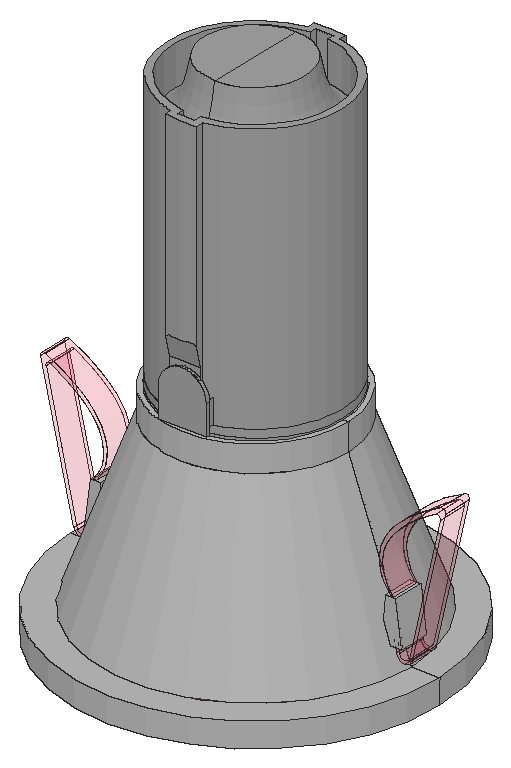
Revit family "LAMP_MOODY G2 1700 + ROUND FIXED IP55 REFLECTOR", category Luminarias, Revit 2015
Parameters (values of type "2700K FLOOD")
  Ángulo de inclinación = 90.00°
  White reflector model = White reflector code  # "MORFRD100FX55W"
  White reflector finish = "Matt white"
  White reflector description = "MOODY REF RD FX Ø99 WH."
  White reflector datasheet = "http://www.lamp.es/product-files/TECH/MORFRD100FX55W-EN.pdf"
  White reflector [instance] = no
  Wattage = 14 W
  UGR = "23"
  Type = "COB PHILIPS"
  White reflector code = "MORFRD100FX55W"
  Total weight = 0.25 kg
  Total height = 115 mm
  Reflector diameter = 100 mm
  Reflector [instance] = and(not(White reflector), not(Black reflector))  # no
  Recessed diameter = 95 mm
  built-in parameter 1150110 = 1 (stored number, unit not read)
  Protection rating = "IP20"
  Product URL = "https://www.lamp.es/en/family/moody_33323"
  Power Supply = "220-240V 50/60Hz"
  Power = 12 W
  Plum = 14 W
  Model explanation = "Availability of switching reflector colour when placed in a project."
  Material cristal = Cristal
  Material Reflector Plata = LAMP_PC Reflector Moody GR
  Material Reflector Negro = LAMP_PC Reflector Moody NG
  Material Reflector Cobre = LAMP_PC Reflector Moody CO
  Material Muelle Emp. = LAMP_Acero genérico
  Material Reflector Blanco = LAMP_PC Reflector Moody BL
  Manufacturer name = "LAMP"
  Manufacturer country = "Spain"
  Manufacturer URL = "http://www.lamp.es/en"
  MacAdam = "3"
  Lámpara = "COB LED"
  Luminaire type = "Indoor - Recessed Downlight"
  Last update = "28/08/2019"
  LED Lifetime = "50.000 L70 B10"
  Insulation class = "II"
  Installation instructions = "https://www.lamp.es/product-files/INS/1004620-A-INSTR.%20MOODY%20G2.pdf"
  IEE = "A++"
  Gear = "Electronic"
  built-in parameter 1114217 = 1 (stored number, unit not read)
  built-in parameter 1150109 = 1 (stored number, unit not read)
  Fabricante = Manufacturer name  # "LAMP"
  Efficacy = 66.2 lm/W
  Descripción = "MOODY G2 1700 VWW FL TRIAC BK."
  Core product code = "MO215FL927TB"
  Core diameter = 50 mm
  Core datasheet = "http://www.lamp.es/product-files/TECH/MO215FL927TB-EN.pdf"
  Core model = Core product code  # "MO215FL927TB"
  Comentarios de tipo = Model explanation  # "Availability of switching reflector colour when placed in a project."
  built-in parameter 1150134 = (empty or 0)
  built-in parameter 1150113 = 1 (stored number, unit not read)
  Lumens = 926.8 lm
  built-in parameter 1150115 = 1 (stored number, unit not read)
  built-in parameter 1150105 = 1757.6 (stored number, unit not read)
  built-in parameter 1150137 = (empty or 0)
  built-in parameter 1150139 = (empty or 0)
  built-in parameter 1150112 = 1 (stored number, unit not read)
  built-in parameter 1150114 = 1 (stored number, unit not read)
  built-in parameter 1150132 = 2
  built-in parameter 1150102 = (empty or 0)
  built-in parameter 1150138 = (empty or 0)
  built-in parameter 1150107 = 2700 (stored number, unit not read)
  built-in parameter 1150106 = 17.576 (stored number, unit not read)
  built-in parameter 1150104 = 6.1502 (stored number, unit not read)
  Dimming Lamp Color Temperature Shift = (empty or 0)
  Color Filter = 16777215
  built-in parameter 1114218 = 1 (stored number, unit not read)
  CRI = "90"
  Core description = "MOODY CORE 500 VWW MFL"
  Black reflector model = Black reflector code  # "MORFRD100FX55B"
  Black reflector finish = "Matt black"
  Black reflector description = "MOODY REF RD FX Ø99 BK."
  Black reflector datasheet = "http://www.lamp.es/product-files/TECH/MORFRD100FX55B-EN.pdf"
  Black reflector code = "MORFRD100FX55B"
  Black reflector [instance] = yes
  Archivo de red fotométrica = "MO215FL927TB.IES"
  Altura reflector = 56.5 mm
  built-in parameter 1150133 = 10 (stored number, unit not read)
Types (9, lengths in mm): name | UGR | Efficacy | Descripción | Core product code | Core datasheet | Core model | Lumens | built-in parameter 1150105 | built-in parameter 1150132 | built-in parameter 1150107 | built-in parameter 1150106 | built-in parameter 1150104 | CRI | Archivo de red fotométrica
  2700K FLOOD | "23" | 66.2 lm/W | "MOODY G2 1700 VWW FL TRIAC BK." | "MO215FL927TB" | "http://www.lamp.es/product-files/TECH/MO215FL927TB-EN.pdf" | "MO215FL927TB" | 926.8 lm | 1757.6 (stored number, unit not read) | 2 | 2700 (stored number, unit not read) | 17.576 (stored number, unit not read) | 6.1502 (stored number, unit not read) | "90" | "MO215FL927TB.IES"
  2700K SPOT | "23" | 66.2 lm/W | "MOODY G2 1700 VWW SP TRIAC BK." | "MO215SP927TB" | "http://www.lamp.es/product-files/TECH/MO215SP927TB-EN.pdf" | "MO215SP927TB" | 926.8 lm | 1757.6 (stored number, unit not read) | 2 | 2700 (stored number, unit not read) | 17.576 (stored number, unit not read) | 6.1502 (stored number, unit not read) | "90" | "MO215SP927TB.IES"
  2700K WIDE FLOOD | "23" | 66.2 lm/W | "MOODY G2 1700 VWW WFL TRIAC BK." | "MO215WF927TB" | "http://www.lamp.es/product-files/TECH/MO215WF927TB-EN.pdf" | "MO215WF927TB" | 926.8 lm | 1757.6 (stored number, unit not read) | 2 | 2700 (stored number, unit not read) | 17.576 (stored number, unit not read) | 6.1502 (stored number, unit not read) | "90" | "MO215WF927TB.IES"
  3000K FLOOD | "23" | 81.2 lm/W | "MOODY G2 1700 WW FL TRIAC BK." | "MO215FL830TB" | "http://www.lamp.es/product-files/TECH/MO215FL830TB-EN.pdf" | "MO215FL830TB" | 1136.8 lm | 2155.8 (stored number, unit not read) | 2 | 3000 (stored number, unit not read) | 21.558 (stored number, unit not read) | 7.5437 (stored number, unit not read) | "80" | "MO215FL830TB.IES"
  3000K SPOT | "23" | 81.2 lm/W | "MOODY G2 1700 WW SP TRIAC BK." | "MO215SP830TB" | "http://www.lamp.es/product-files/TECH/MO215SP830TB-EN.pdf" | "MO215SP830TB" | 1136.8 lm | 2155.8 (stored number, unit not read) | 2 | 3000 (stored number, unit not read) | 21.558 (stored number, unit not read) | 7.5437 (stored number, unit not read) | "80" | "MO215SP830TB.IES"
  3000K WIDE FLOOD | "23" | 81.2 lm/W | "MOODY G2 1700 WW WFL TRIAC BK." | "MO215WF830TB" | "http://www.lamp.es/product-files/TECH/MO215WF830TB-EN.pdf" | "MO215WF830TB" | 1136.8 lm | 2155.8 (stored number, unit not read) | 2 | 3000 (stored number, unit not read) | 21.558 (stored number, unit not read) | 7.5437 (stored number, unit not read) | "80" | "MO215WF830TB.IES"
  4000K FLOOD | "24" | 86 lm/W | "MOODY G2 1700 NW FL TRIAC BK." | "MO215FL840TB" | "http://www.lamp.es/product-files/TECH/MO215FL840TB-EN.pdf" | "MO215FL840TB" | 1204 lm | 2283.3 (stored number, unit not read) | 2 | 4000 (stored number, unit not read) | 22.833 (stored number, unit not read) | 7.9897 (stored number, unit not read) | "80" | "MO215FL840TB.IES"
  4000K SPOT | "24" | 86 lm/W | "MOODY G2 1700 NW SP TRIAC BK." | "MO215SP840TB" | "http://www.lamp.es/product-files/TECH/MO215SP840TB-EN.pdf" | "MO215SP840TB" | 1204 lm | 2283.3 (stored number, unit not read) | (empty or 0) | 4000 (stored number, unit not read) | 22.833 (stored number, unit not read) | 7.9897 (stored number, unit not read) | "80" | "MO215SP840TB.IES"
  4000K WIDE FLOOD | "24" | 86 lm/W | "MOODY G2 1700 NW WFL TRIAC BK." | "MO215WF840TB" | "http://www.lamp.es/product-files/TECH/MO215WF840TB-EN.pdf" | "MO215WF840TB" | 1204 lm | 2283.3 (stored number, unit not read) | 2 | 4000 (stored number, unit not read) | 22.833 (stored number, unit not read) | 7.9897 (stored number, unit not read) | "80" | "MO215WF840TB.IES"
Reference planes
  plane 1 "Eje de origen de luz (F/P)": y = 0
  plane 2: z = 0
  plane 3 "Eje de origen de luz (I/D)": x = 0
  plane 4 "Techo": z = 3738.5
  plane 5 "Elevación de origen de luz": z = 3738.5
Forms (mm)
  Revolve 1, solid, material "LAMP_PC Reflector Moody NG" <- "Material Reflector Negro", visible <- "Reflector"
    sketch origin (0, 0, 0) x (1, 0, 0) y (0, 0, 1)
      loop
        line (-26.8, 3795) -> (-26.8, 3787.4) -> (-44.8, 3738.5) -> (-53, 3738.5) -> (-53, 3731.4) -> (-43.4, 3731.4) -> (-43.4, 3737.815) -> (-25.4, 3786.715) -> (-20.4, 3786.715) -> (-20.4, 3789.672) -> (-25.4, 3789.672) -> (-25.4, 3795) -> (-26.8, 3795)
      axis (0, 3731.4) -> (0, 3795)
    angle from 0 to 360
  Extrusion 2, solid, material "LAMP_PC Reflector Moody CO" <- "Material Reflector Cobre", not visible
    sketch origin (0, 0, 0) x (1, 0, 0) y (0, 0, 1)
      loop
        line (-42.407, 3745) -> (-40.284, 3750.769) -> (-40.873, 3757.5) -> (-43.873, 3757.5) -> (-45.407, 3745) -> (-42.407, 3745)
    from 4.4 to -4.4
  Extrusion 3, solid, material "LAMP_PC Reflector Moody CO" <- "Material Reflector Cobre", not visible
    sketch origin (0, 0, 0) x (-1, 0, 0) y (0, 0, -1)
      loop
        line (-42.407, -3745) -> (-45.407, -3745) -> (-43.873, -3757.5) -> (-40.873, -3757.5) -> (-40.284, -3750.769) -> (-42.407, -3745)
    from 4.4 to -4.4
  Extrusion 4, solid, material "LAMP_Acero genérico" <- "Material Muelle Emp."
    sketch origin (0, 0, 0) x (1, 0, 0) y (0, 0, 1)
      loop
        line (-43.449, 3746.955) -> (-44.442, 3747.077) -> (-44.86, 3743.673)
        arc (-44.86, 3743.673) -> (-46.011, 3742.395) -> (-47.607, 3743.039) r 1.5
        line (-47.607, 3743.039) -> (-56.587, 3781.935)
        arc (-56.587, 3781.935) -> (-56.25, 3782.912) -> (-55.225, 3783.038) r 0.975
        spline (-55.225, 3783.038) -> (-51.331, 3780.738) -> (-48.069, 3778.431) -> (-45.409, 3776.129) -> (-43.316, 3773.842) -> (-41.759, 3771.583) -> (-40.706, 3769.362) -> (-40.125, 3767.192) -> (-39.983, 3765.084) -> (-40.248, 3763.049) -> (-40.888, 3761.099) -> (-41.87, 3759.246) -> (-43.162, 3757.5)
        line (-43.162, 3757.5) -> (-42.155, 3757.5)
        spline (-42.155, 3757.5) -> (-40.805, 3759.492) -> (-39.803, 3761.59) -> (-39.185, 3763.778) -> (-38.986, 3766.043) -> (-39.241, 3768.371) -> (-39.985, 3770.746) -> (-41.254, 3773.156) -> (-43.082, 3775.585) -> (-45.504, 3778.019) -> (-48.557, 3780.445) -> (-52.274, 3782.848) -> (-56.692, 3785.214)
        arc (-56.692, 3785.214) -> (-57.717, 3785.088) -> (-58.053, 3784.112) r 0.975
        line (-58.053, 3784.112) -> (-48.597, 3743.153)
        arc (-48.597, 3743.153) -> (-47.735, 3741.824) -> (-46.22, 3741.36) r 2.317
        arc (-46.22, 3741.36) -> (-44.644, 3742.027) -> (-43.867, 3743.552) r 2.5
        line (-43.867, 3743.552) -> (-43.449, 3746.955)
    from 4.3 to -4.3
  Extrusion 5, solid, material "LAMP_Acero genérico" <- "Material Muelle Emp."
    sketch origin (0, 0, 0) x (-1, 0, 0) y (0, 0, -1)
      loop
        line (-43.449, -3746.955) -> (-43.867, -3743.552)
        arc (-43.867, -3743.552) -> (-44.644, -3742.027) -> (-46.22, -3741.36) r 2.5
        arc (-46.22, -3741.36) -> (-47.735, -3741.824) -> (-48.597, -3743.153) r 2.317
        line (-48.597, -3743.153) -> (-58.053, -3784.112)
        arc (-58.053, -3784.112) -> (-57.717, -3785.088) -> (-56.692, -3785.214) r 0.975
        spline (-56.692, -3785.214) -> (-52.274, -3782.848) -> (-48.557, -3780.445) -> (-45.504, -3778.019) -> (-43.082, -3775.585) -> (-41.254, -3773.156) -> (-39.985, -3770.746) -> (-39.241, -3768.371) -> (-38.986, -3766.043) -> (-39.185, -3763.778) -> (-39.803, -3761.59) -> (-40.805, -3759.492) -> (-42.155, -3757.5)
        line (-42.155, -3757.5) -> (-43.162, -3757.5)
        spline (-43.162, -3757.5) -> (-41.87, -3759.246) -> (-40.888, -3761.099) -> (-40.248, -3763.049) -> (-39.983, -3765.084) -> (-40.125, -3767.192) -> (-40.706, -3769.362) -> (-41.759, -3771.583) -> (-43.316, -3773.842) -> (-45.409, -3776.129) -> (-48.069, -3778.431) -> (-51.331, -3780.738) -> (-55.225, -3783.038)
        arc (-55.225, -3783.038) -> (-56.25, -3782.912) -> (-56.587, -3781.935) r 0.975
        line (-56.587, -3781.935) -> (-47.607, -3743.039)
        arc (-47.607, -3743.039) -> (-46.011, -3742.395) -> (-44.86, -3743.673) r 1.5
        line (-44.86, -3743.673) -> (-44.442, -3747.077) -> (-43.449, -3746.955)
    from 4.3 to -4.3
  Revolve 6, solid, material "LAMP_PC Reflector Moody BL" <- "Material Reflector Blanco", visible <- "White reflector"
    sketch origin (0, 0, 0) x (1, 0, 0) y (0, 0, 1)
      loop
        line (-26.8, 3795) -> (-26.8, 3787.4) -> (-44.8, 3738.5) -> (-53, 3738.5) -> (-53, 3731.4) -> (-43.4, 3731.4) -> (-43.4, 3737.815) -> (-25.4, 3786.715) -> (-20.4, 3786.715) -> (-20.4, 3789.672) -> (-25.4, 3789.672) -> (-25.4, 3795) -> (-26.8, 3795)
      axis (0, 3731.4) -> (0, 3795)
    angle from 0 to 360
  Extrusion 7, solid, material "LAMP_PC Reflector Moody BL" <- "Material Reflector Blanco", visible <- "White reflector"
    sketch origin (0, 0, 0) x (1, 0, 0) y (0, 0, 1)
      loop
        line (-42.407, 3745) -> (-40.284, 3750.769) -> (-40.873, 3757.5) -> (-43.873, 3757.5) -> (-45.407, 3745) -> (-42.407, 3745)
    from 4.4 to -4.4
  Extrusion 8, solid, material "LAMP_PC Reflector Moody BL" <- "Material Reflector Blanco", visible <- "White reflector"
    sketch origin (0, 0, 0) x (-1, 0, 0) y (0, 0, -1)
      loop
        line (-42.407, -3745) -> (-45.407, -3745) -> (-43.873, -3757.5) -> (-40.873, -3757.5) -> (-40.284, -3750.769) -> (-42.407, -3745)
    from 4.4 to -4.4
  Revolve 9, solid, material "LAMP_PC Reflector Moody NG" <- "Material Reflector Negro", visible <- "Black reflector"
    sketch origin (0, 0, 0) x (1, 0, 0) y (0, 0, 1)
      loop
        line (-26.8, 3795) -> (-26.8, 3787.4) -> (-44.8, 3738.5) -> (-53, 3738.5) -> (-53, 3731.4) -> (-43.4, 3731.4) -> (-43.4, 3737.815) -> (-25.4, 3786.715) -> (-20.4, 3786.715) -> (-20.4, 3789.672) -> (-25.4, 3789.672) -> (-25.4, 3795) -> (-26.8, 3795)
      axis (0, 3731.4) -> (0, 3795)
    angle from 0 to 360
  Extrusion 10, solid, material "LAMP_PC Reflector Moody NG" <- "Material Reflector Negro", visible <- "Black reflector"
    sketch origin (0, 0, 0) x (1, 0, 0) y (0, 0, 1)
      loop
        line (-42.407, 3745) -> (-40.284, 3750.769) -> (-40.873, 3757.5) -> (-43.873, 3757.5) -> (-45.407, 3745) -> (-42.407, 3745)
    from 4.4 to -4.4
  Extrusion 11, solid, material "LAMP_PC Reflector Moody NG" <- "Material Reflector Negro", visible <- "Black reflector"
    sketch origin (0, 0, 0) x (-1, 0, 0) y (0, 0, -1)
      loop
        line (-42.407, -3745) -> (-45.407, -3745) -> (-43.873, -3757.5) -> (-40.873, -3757.5) -> (-40.284, -3750.769) -> (-42.407, -3745)
    from 4.4 to -4.4
  Extrusion 12, solid, material "LAMP_PC Reflector Moody GR" <- "Material Reflector Plata", not visible
    sketch origin (0, 0, 0) x (1, 0, 0) y (0, 0, 1)
      loop
        line (-42.407, 3745) -> (-40.284, 3750.769) -> (-40.873, 3757.5) -> (-43.873, 3757.5) -> (-45.407, 3745) -> (-42.407, 3745)
    from 4.4 to -4.4
  Extrusion 13, solid, material "LAMP_PC Reflector Moody GR" <- "Material Reflector Plata", not visible
    sketch origin (0, 0, 0) x (-1, 0, 0) y (0, 0, -1)
      loop
        line (-42.407, -3745) -> (-45.407, -3745) -> (-43.873, -3757.5) -> (-40.873, -3757.5) -> (-40.284, -3750.769) -> (-42.407, -3745)
    from 4.4 to -4.4
  Extrusion 14, solid, material "LAMP_PC Reflector Moody NG" <- "Material Reflector Negro", visible <- "Reflector"
    sketch origin (0, 0, 0) x (1, 0, 0) y (0, 0, 1)
      loop
        line (-42.407, 3745) -> (-40.284, 3750.769) -> (-40.873, 3757.5) -> (-43.873, 3757.5) -> (-45.407, 3745) -> (-42.407, 3745)
    from 4.4 to -4.4
  Extrusion 15, solid, material "LAMP_PC Reflector Moody NG" <- "Material Reflector Negro", visible <- "Reflector"
    sketch origin (0, 0, 0) x (-1, 0, 0) y (0, 0, -1)
      loop
        line (-42.407, -3745) -> (-45.407, -3745) -> (-43.873, -3757.5) -> (-40.873, -3757.5) -> (-40.284, -3750.769) -> (-42.407, -3745)
    from 4.4 to -4.4
  Revolve 16, solid, material "Cristal" <- "Material cristal"
    sketch origin (0, 0, 0) x (1, 0, 0) y (0, 0, 1)
      loop
        line (-43.4, 3738.5) -> (-43.4, 3731.4) -> (0, 3731.4) -> (0, 3738.5) -> (-43.4, 3738.5)
      axis (0, 3731.4) -> (0, 3738.5)
    angle from 0 to 360
Text (mm)
  text "Any modification of the parameters and properties of the LAMP BIM models must be executed and validated by the LAMP technical department.\n\nPhone: +34 93 736 68 00\n\nE-mail: lamp@lamp.es\n\n\n\nLAMP reserves the right to modify the technical specifications of its products." at (-1237.633, 1699.993, 3254.939), in view "Preview"
Dimensions and locks
  equal spacing: host sketch curve, plane 3 "Eje de origen de luz (I/D)", host sketch curve
  equal spacing: host sketch curve, plane 1 "Eje de origen de luz (F/P)", host sketch curve
  host sketch curve to host sketch curve = 4000 mm  (x2)
  locked: plane 4 "Techo" to host ceiling at 0
  "Altura reflector": plane 4 "Techo" to Revolve 1
  aligned and locked: plane 3 "Eje de origen de luz (I/D)" to imposter light
  aligned and locked: plane 1 "Eje de origen de luz (F/P)" to imposter light
  aligned and locked: plane 5 "Elevación de origen de luz" to imposter light
  aligned and locked: plane 4 "Techo" to plane 5 "Elevación de origen de luz"
Automatic sketch dimensions
  Extrusion 2 sketch curve to plane 4 "Techo" = 6.5 mm
  Extrusion 2 sketch curve to plane 3 "Eje de origen de luz (I/D)" = 45.407 mm
  Extrusion 2 sketch curve to Extrusion 2 sketch curve = 1.535 mm
  Extrusion 2 sketch curve to Extrusion 2 sketch curve = 3 mm  (x2)
  Extrusion 2 sketch curve to plane 4 "Techo" = 19 mm
  Extrusion 2 sketch curve to plane 4 "Techo" = 12.269 mm
  Extrusion 2 sketch curve to Extrusion 2 sketch curve = 2.124 mm
  plane 4 "Techo" to Extrusion 3 sketch curve = 6.5 mm
  Extrusion 3 sketch curve to plane 3 "Eje de origen de luz (I/D)" = 45.407 mm
  Extrusion 3 sketch curve to Extrusion 3 sketch curve = 1.535 mm
  Extrusion 3 sketch curve to Extrusion 3 sketch curve = 3 mm  (x2)
  plane 4 "Techo" to Extrusion 3 sketch curve = 19 mm
  plane 4 "Techo" to Extrusion 3 sketch curve = 12.269 mm
  Extrusion 3 sketch curve to Extrusion 3 sketch curve = 2.124 mm
  Extrusion 4 sketch curve to Extrusion 4 sketch curve = 0 mm  (x2)
  Extrusion 4 sketch curve to plane 3 "Eje de origen de luz (I/D)" = 58.053 mm
  Extrusion 4 sketch curve to Extrusion 4 sketch curve = 0.95 mm  (x2)
  Extrusion 4 sketch curve to Extrusion 4 sketch curve = 0.412 mm  (x2)
  Extrusion 4 sketch curve to Extrusion 4 sketch curve = 0.517 mm
  Extrusion 4 sketch curve to plane 4 "Techo" = 4.653 mm
  Extrusion 4 sketch curve to Extrusion 4 sketch curve = 7.989 mm
  Extrusion 4 sketch curve to plane 4 "Techo" = 4.539 mm
  Extrusion 4 sketch curve to Extrusion 4 sketch curve = 0.991 mm
  Extrusion 4 sketch curve to Extrusion 4 sketch curve = 1.258 mm
  Extrusion 4 sketch curve to Extrusion 4 sketch curve = 0.009 mm
  Extrusion 4 sketch curve to plane 4 "Techo" = 5.173 mm
  Extrusion 4 sketch curve to Extrusion 4 sketch curve = 1.479 mm
  Extrusion 4 sketch curve to plane 4 "Techo" = 8.577 mm
  Extrusion 4 sketch curve to Extrusion 4 sketch curve = 0.418 mm
  Extrusion 4 sketch curve to plane 4 "Techo" = 5.052 mm
  Extrusion 4 sketch curve to Extrusion 4 sketch curve = 0.993 mm
  Extrusion 4 sketch curve to Extrusion 4 sketch curve = 1.28 mm
  Extrusion 4 sketch curve to Extrusion 4 sketch curve = 1.008 mm
  Extrusion 4 sketch curve to Extrusion 4 sketch curve = 0.182 mm
  Extrusion 4 sketch curve to Extrusion 4 sketch curve = 10.423 mm
  Extrusion 4 sketch curve to Extrusion 4 sketch curve = 24.435 mm
  Extrusion 4 sketch curve to Extrusion 4 sketch curve = 0.219 mm  (x2)
  Extrusion 4 sketch curve to Extrusion 4 sketch curve = 2.176 mm
  Extrusion 5 sketch curve to Extrusion 5 sketch curve = 0 mm  (x2)
  Extrusion 5 sketch curve to plane 3 "Eje de origen de luz (I/D)" = 58.053 mm
  Extrusion 5 sketch curve to Extrusion 5 sketch curve = 0.95 mm  (x2)
  Extrusion 5 sketch curve to Extrusion 5 sketch curve = 0.412 mm  (x2)
  Extrusion 5 sketch curve to Extrusion 5 sketch curve = 0.517 mm
  plane 4 "Techo" to Extrusion 5 sketch curve = 4.653 mm
  Extrusion 5 sketch curve to Extrusion 5 sketch curve = 7.989 mm
  plane 4 "Techo" to Extrusion 5 sketch curve = 4.539 mm
  Extrusion 5 sketch curve to Extrusion 5 sketch curve = 0.991 mm
  Extrusion 5 sketch curve to Extrusion 5 sketch curve = 1.258 mm
  Extrusion 5 sketch curve to Extrusion 5 sketch curve = 0.009 mm
  plane 4 "Techo" to Extrusion 5 sketch curve = 5.173 mm
  Extrusion 5 sketch curve to Extrusion 5 sketch curve = 1.479 mm
  plane 4 "Techo" to Extrusion 5 sketch curve = 8.577 mm
  Extrusion 5 sketch curve to Extrusion 5 sketch curve = 0.418 mm
  plane 4 "Techo" to Extrusion 5 sketch curve = 5.052 mm
  Extrusion 5 sketch curve to Extrusion 5 sketch curve = 0.993 mm
  Extrusion 5 sketch curve to Extrusion 5 sketch curve = 1.28 mm
  Extrusion 5 sketch curve to Extrusion 5 sketch curve = 1.008 mm
  Extrusion 5 sketch curve to Extrusion 5 sketch curve = 0.182 mm
  Extrusion 5 sketch curve to Extrusion 5 sketch curve = 10.423 mm
  Extrusion 5 sketch curve to Extrusion 5 sketch curve = 24.435 mm
  Extrusion 5 sketch curve to Extrusion 5 sketch curve = 0.219 mm  (x2)
  Extrusion 5 sketch curve to Extrusion 5 sketch curve = 2.176 mm
  Extrusion 7 sketch curve to plane 4 "Techo" = 6.5 mm
  Extrusion 7 sketch curve to plane 3 "Eje de origen de luz (I/D)" = 45.407 mm
  Extrusion 7 sketch curve to Extrusion 7 sketch curve = 1.535 mm
  Extrusion 7 sketch curve to Extrusion 7 sketch curve = 3 mm  (x2)
  Extrusion 7 sketch curve to plane 4 "Techo" = 19 mm
  Extrusion 7 sketch curve to plane 4 "Techo" = 12.269 mm
  Extrusion 7 sketch curve to Extrusion 7 sketch curve = 2.124 mm
  plane 4 "Techo" to Extrusion 8 sketch curve = 6.5 mm
  Extrusion 8 sketch curve to plane 3 "Eje de origen de luz (I/D)" = 45.407 mm
  Extrusion 8 sketch curve to Extrusion 8 sketch curve = 1.535 mm
  Extrusion 8 sketch curve to Extrusion 8 sketch curve = 3 mm  (x2)
  plane 4 "Techo" to Extrusion 8 sketch curve = 19 mm
  plane 4 "Techo" to Extrusion 8 sketch curve = 12.269 mm
  Extrusion 8 sketch curve to Extrusion 8 sketch curve = 2.124 mm
  Extrusion 10 sketch curve to plane 4 "Techo" = 6.5 mm
  Extrusion 10 sketch curve to plane 3 "Eje de origen de luz (I/D)" = 45.407 mm
  Extrusion 10 sketch curve to Extrusion 10 sketch curve = 1.535 mm
  Extrusion 10 sketch curve to Extrusion 10 sketch curve = 3 mm  (x2)
  Extrusion 10 sketch curve to plane 4 "Techo" = 19 mm
  Extrusion 10 sketch curve to plane 4 "Techo" = 12.269 mm
  Extrusion 10 sketch curve to Extrusion 10 sketch curve = 2.124 mm
  plane 4 "Techo" to Extrusion 11 sketch curve = 6.5 mm
  Extrusion 11 sketch curve to plane 3 "Eje de origen de luz (I/D)" = 45.407 mm
  Extrusion 11 sketch curve to Extrusion 11 sketch curve = 1.535 mm
  Extrusion 11 sketch curve to Extrusion 11 sketch curve = 3 mm  (x2)
  plane 4 "Techo" to Extrusion 11 sketch curve = 19 mm
  plane 4 "Techo" to Extrusion 11 sketch curve = 12.269 mm
  Extrusion 11 sketch curve to Extrusion 11 sketch curve = 2.124 mm
  Extrusion 12 sketch curve to plane 4 "Techo" = 6.5 mm
  Extrusion 12 sketch curve to plane 3 "Eje de origen de luz (I/D)" = 45.407 mm
  Extrusion 12 sketch curve to Extrusion 12 sketch curve = 1.535 mm
  Extrusion 12 sketch curve to Extrusion 12 sketch curve = 3 mm  (x2)
  Extrusion 12 sketch curve to plane 4 "Techo" = 19 mm
  Extrusion 12 sketch curve to plane 4 "Techo" = 12.269 mm
  Extrusion 12 sketch curve to Extrusion 12 sketch curve = 2.124 mm
  plane 4 "Techo" to Extrusion 13 sketch curve = 6.5 mm
  Extrusion 13 sketch curve to plane 3 "Eje de origen de luz (I/D)" = 45.407 mm
  Extrusion 13 sketch curve to Extrusion 13 sketch curve = 1.535 mm
  Extrusion 13 sketch curve to Extrusion 13 sketch curve = 3 mm  (x2)
  plane 4 "Techo" to Extrusion 13 sketch curve = 19 mm
  plane 4 "Techo" to Extrusion 13 sketch curve = 12.269 mm
  Extrusion 13 sketch curve to Extrusion 13 sketch curve = 2.124 mm
  Extrusion 14 sketch curve to plane 4 "Techo" = 6.5 mm
  Extrusion 14 sketch curve to plane 3 "Eje de origen de luz (I/D)" = 45.407 mm
  Extrusion 14 sketch curve to Extrusion 14 sketch curve = 1.535 mm
  Extrusion 14 sketch curve to Extrusion 14 sketch curve = 3 mm  (x2)
  Extrusion 14 sketch curve to plane 4 "Techo" = 19 mm
  Extrusion 14 sketch curve to plane 4 "Techo" = 12.269 mm
  Extrusion 14 sketch curve to Extrusion 14 sketch curve = 2.124 mm
  plane 4 "Techo" to Extrusion 15 sketch curve = 6.5 mm
  Extrusion 15 sketch curve to plane 3 "Eje de origen de luz (I/D)" = 45.407 mm
  Extrusion 15 sketch curve to Extrusion 15 sketch curve = 1.535 mm
  Extrusion 15 sketch curve to Extrusion 15 sketch curve = 3 mm  (x2)
  plane 4 "Techo" to Extrusion 15 sketch curve = 19 mm
  plane 4 "Techo" to Extrusion 15 sketch curve = 12.269 mm
  Extrusion 15 sketch curve to Extrusion 15 sketch curve = 2.124 mm
  Revolve 16 sketch curve to plane 4 "Techo" = 0 mm
  Revolve 16 sketch curve to plane 3 "Eje de origen de luz (I/D)" = 0 mm  (x2)
  plane 4 "Techo" to Revolve 16 sketch curve = 7.1 mm
  Revolve 16 sketch curve to plane 3 "Eje de origen de luz (I/D)" = 43.4 mm
  Revolve 16 sketch curve to level = 358.228 mm
  Revolve 16 sketch curve to plane 4 "Techo" = 623.685 mm
  Revolve 9 sketch curve to plane 4 "Techo" = 0 mm
  Revolve 9 sketch curve to plane 3 "Eje de origen de luz (I/D)" = 0 mm
  Revolve 9 sketch curve to plane 3 "Eje de origen de luz (I/D)" = 20.4 mm
  Revolve 9 sketch curve to Revolve 9 sketch curve = 5 mm
  Revolve 9 sketch curve to Revolve 9 sketch curve = 0 mm
  Revolve 9 sketch curve to Revolve 9 sketch curve = 1.4 mm  (x2)
  plane 4 "Techo" to Revolve 9 sketch curve = 7.1 mm
  Revolve 9 sketch curve to plane 3 "Eje de origen de luz (I/D)" = 43.4 mm
  Revolve 9 sketch curve to Revolve 9 sketch curve = 9.6 mm
  Revolve 9 sketch curve to plane 4 "Techo" = 48.215 mm
  Revolve 9 sketch curve to Revolve 9 sketch curve = 0.685 mm
  Revolve 9 sketch curve to Revolve 9 sketch curve = 2.272 mm
  Revolve 9 sketch curve to Revolve 9 sketch curve = 5.328 mm
  plane 4 "Techo" to Revolve 9 sketch curve = 0.685 mm
  Revolve 9 sketch curve to level = 358.228 mm
  Revolve 9 sketch curve to Revolve 9 sketch curve = 305.685 mm
  Revolve 6 sketch curve to plane 4 "Techo" = 0 mm
  Revolve 6 sketch curve to plane 3 "Eje de origen de luz (I/D)" = 0 mm
  Revolve 6 sketch curve to plane 3 "Eje de origen de luz (I/D)" = 20.4 mm
  Revolve 6 sketch curve to Revolve 6 sketch curve = 5 mm
  Revolve 6 sketch curve to Revolve 6 sketch curve = 0 mm
  Revolve 6 sketch curve to Revolve 6 sketch curve = 1.4 mm  (x2)
  plane 4 "Techo" to Revolve 6 sketch curve = 7.1 mm
  Revolve 6 sketch curve to plane 3 "Eje de origen de luz (I/D)" = 43.4 mm
  Revolve 6 sketch curve to Revolve 6 sketch curve = 9.6 mm
  Revolve 6 sketch curve to plane 4 "Techo" = 48.215 mm
  Revolve 6 sketch curve to Revolve 6 sketch curve = 0.685 mm
  Revolve 6 sketch curve to Revolve 6 sketch curve = 2.272 mm
  Revolve 6 sketch curve to Revolve 6 sketch curve = 5.328 mm
  plane 4 "Techo" to Revolve 6 sketch curve = 0.685 mm
  Revolve 6 sketch curve to level = 358.228 mm
  Revolve 6 sketch curve to Revolve 6 sketch curve = 305.685 mm
  Revolve 1 sketch curve to plane 4 "Techo" = 0 mm
  Revolve 1 sketch curve to plane 3 "Eje de origen de luz (I/D)" = 0 mm
  Revolve 1 sketch curve to plane 3 "Eje de origen de luz (I/D)" = 20.4 mm
  Revolve 1 sketch curve to Revolve 1 sketch curve = 5 mm
  Revolve 1 sketch curve to Revolve 1 sketch curve = 0 mm
  Revolve 1 sketch curve to Revolve 1 sketch curve = 1.4 mm  (x2)
  plane 4 "Techo" to Revolve 1 sketch curve = 7.1 mm
  Revolve 1 sketch curve to plane 3 "Eje de origen de luz (I/D)" = 43.4 mm
  Revolve 1 sketch curve to Revolve 1 sketch curve = 9.6 mm
  Revolve 1 sketch curve to plane 4 "Techo" = 48.215 mm
  Revolve 1 sketch curve to Revolve 1 sketch curve = 0.685 mm
  Revolve 1 sketch curve to Revolve 1 sketch curve = 2.272 mm
  Revolve 1 sketch curve to Revolve 1 sketch curve = 5.328 mm
  plane 4 "Techo" to Revolve 1 sketch curve = 0.685 mm
  Revolve 1 sketch curve to level = 358.228 mm
  Revolve 1 sketch curve to Revolve 1 sketch curve = 305.685 mm
Nested families
  nested 1: "LAMP_MOODY CORE 1200" at (0, 0, 3789.672) x (0, 1, 0) z (0, 0, 1), type "LAMP_MOODY CORE 1200"
Connectors
  electrical at (0, 0, 3738.5)
    settings: on imposter light, index 1, voltage 230 V, apparent load 0 VA, apparent load phase1 0 VA, apparent load phase2 0 VA, apparent load phase3 0 VA, power factor 1, load classification "Otro", number of poles 1, system type 31, power factor state 1, is connector primary yes, connector utility no, sub classification motor no, connector description ""
Definition of nested family "LAMP_MOODY CORE 1200"
  Parameters (values of type "LAMP_MOODY CORE 1200")
    Weight = 0.316 kg
    Protection rating = "IP20"
    Product name = "MOODY CORE 1200"
    Product URL = "http://www.lamp.es/en/family/moody_33323"
    Material Reflector = none
    Material Cuerpo = none
    Material COB = none
    Manufacturer name = "LAMP"
    Manufacturer country = "Spain"
    Manufacturer URL = "http://www.lamp.es/en"
    Luminaire type = "Indoor - Recessed Downlight"
    Last update = "08/05/2018"
    Installation instructions = ""
    Height = 90 mm
    Finish = "Cataphorese"
    Manufacturer = Manufacturer name  # "LAMP"
    Default Elevation = 1219.2 mm
    Diameter = 50 mm
    Description = Product name  # "MOODY CORE 1200"
    Type Comments = "For product codes and features, see corresponding files LAMP_CORE + REFLECTOR"
    Altura interior = 74 mm
  Reference planes
    plane 1 "Centro (Frontal/Posterior)": y = 0
    plane 2: z = 0
    plane 3 "Centro (Izquierda/Derecha)": x = 0
    plane 4: z = 74
  Forms (mm)
    Extrusion 1, solid
      sketch origin (0, 0, 0) x (1, 0, 0) y (0, 1, 0)
        loop
          line (-1219.2, 1219.2) -> (-1219.2, -1219.2) -> (1219.2, -1219.2) -> (1219.2, 1219.2) -> (-1219.2, 1219.2)
      from 0 to -304.8
    Extrusion 2, solid, material <- "Material Cuerpo"
      sketch origin (0, 0, 8.2) x (1, 0, 0) y (0, 1, 0)
        loop
          arc (-26.622, 4.5) -> (-27, 0) -> (-26.622, -4.5) r 27
          line (-26.622, -4.5) -> (-24.592, -4.5)
          arc (-24.592, -4.5) -> (0, -25) -> (24.592, -4.5) r 25
          line (24.592, -4.5) -> (26.622, -4.5)
          arc (26.622, -4.5) -> (27, 0) -> (26.622, 4.5) r 27
          line (26.622, 4.5) -> (24.592, 4.5)
          arc (24.592, 4.5) -> (0, 25) -> (-24.592, 4.5) r 25
          line (-24.592, 4.5) -> (-26.622, 4.5)
        loop
          line (-24.875, -2.5) -> (-22.864, -2.5)
          arc (-22.864, -2.5) -> (0, -23) -> (22.864, -2.5) r 23
          line (22.864, -2.5) -> (24.875, -2.5)
          arc (24.875, -2.5) -> (25, 0) -> (24.875, 2.5) r 25
          line (24.875, 2.5) -> (22.864, 2.5)
          arc (22.864, 2.5) -> (0, 23) -> (-22.864, 2.5) r 23
          line (-22.864, 2.5) -> (-24.875, 2.5)
          arc (-24.875, 2.5) -> (-25, 0) -> (-24.875, -2.5) r 25
      from 0 to 77
    Revolve 3, solid, material <- "Material Cuerpo"
      sketch origin (0, 0, 8.2) x (1, 0, 0) y (0, 0, 1)
        loop
          spline (-14.467, 81.8) -> (-14.836, 79.556) -> (-15.268, 77.477) -> (-15.761, 75.564) -> (-16.317, 73.817) -> (-16.935, 72.235) -> (-17.615, 70.819) -> (-18.357, 69.568) -> (-19.161, 68.483) -> (-20.028, 67.564) -> (-20.956, 66.81) -> (-21.947, 66.222) -> (-23, 65.8)
          line (-23, 65.8) -> (0, 65.8) -> (0, 81.8) -> (-14.467, 81.8)
        axis (0, 81.8) -> (0, 65.8)
      angle from 0 to 360
    Extrusion 4, void
      sketch origin (0, 0, 8.2) x (0, 1, 0) y (0, 0, 1)
        loop
          line (-7, 0) -> (7, 0) -> (7, 6.5) -> (-7, 6.5) -> (-7, 0)
      from -28 to 28
    Extrusion 5, void
      sketch origin (0, 0, 8.2) x (1, 0, 0) y (0, 0, 1)
        loop
          line (25.068, 6.5) -> (27.791, 6.5) -> (27.791, 20.707) -> (26.791, 20.707) -> (25.068, 14.278) -> (25.068, 6.5)
      from -7 to 7
    Revolve 6, solid, material <- "Material Cuerpo"
      sketch origin (0, 0, 0) x (1, 0, 0) y (0, 0, 1)
        loop
          line (24.8, 0) -> (24.8, 2.2) -> (22.75, 2.2) -> (22.75, 5.8) -> (25, 5.8) -> (25, 8.2) -> (21.4, 8.2) -> (21.4, 7) -> (20.45, 7) -> (20.45, 0) -> (24.8, 0)
        axis (0, 8.2) -> (0, 0)
      angle from 0 to 360
    Extrusion 7, solid, material <- "Material Cuerpo"
      sketch origin (0, 0, 11.6) x (1, 0, 0) y (0, 1, 0)
        loop
          line (-25.068, 4.5) -> (-22.555, 4.5)
          arc (-22.555, 4.5) -> (0, 23) -> (22.555, 4.5) r 23
          line (22.555, 4.5) -> (25.068, 4.5) -> (25.068, 6.9) -> (22.778, 6.9)
          arc (22.778, 6.9) -> (0, 23.8) -> (-22.778, 6.9) r 23.8
          line (-22.778, 6.9) -> (-25.068, 6.9) -> (-25.068, 4.5)
        loop
          line (-25.068, -4.5) -> (-25.068, -6.9) -> (-22.778, -6.9)
          arc (-22.778, -6.9) -> (0, -23.8) -> (22.778, -6.9) r 23.8
          line (22.778, -6.9) -> (25.068, -6.9) -> (25.068, -4.5) -> (22.555, -4.5)
          arc (22.555, -4.5) -> (0, -23) -> (-22.555, -4.5) r 23
          line (-22.555, -4.5) -> (-25.068, -4.5)
      from -3.4 to 3.4
    Extrusion 8, solid, material <- "Material Cuerpo"
      sketch origin (0, 0, 0) x (0, 1, 0) y (0, 0, -1)
        loop
          arc (-6.769, -14.306) -> (0.131, -21.206) -> (7.031, -14.306) r 6.9
          line (7.031, -14.306) -> (7.031, -5.8) -> (-6.769, -5.8) -> (-6.769, -14.306)
      from 26 to 25.068
    Extrusion 9, solid, material <- "Material Cuerpo"
      sketch origin (0, 0, 0) x (0, 1, 0) y (0, 0, 1)
        loop
          line (-6.769, 14.306) -> (-6.769, 5.8) -> (7.031, 5.8) -> (7.031, 14.306)
          arc (7.031, 14.306) -> (0.131, 21.206) -> (-6.769, 14.306) r 6.9
      from 26 to 25.068
    Revolve 10, solid, material <- "Material Reflector"
      sketch origin (0, 0, -1660) x (1, 0, 0) y (0, 0, 1)
        loop
          line (21.4, 1667) -> (14.233, 1685.672) -> (13.283, 1685.672) -> (20.45, 1667) -> (21.4, 1667)
        axis (0, 1685.672) -> (0, 1667)
      angle from 0 to 360
    Revolve 11, solid, material <- "Material COB"
      sketch origin (0, 0, -2184.8) x (1, 0, 0) y (0, 0, 1)
        loop
          line (0, 2210.472) -> (14.233, 2210.472) -> (14.233, 2211.472) -> (0, 2211.472) -> (0, 2210.472)
        axis (0, 2211.472) -> (0, 2210.472)
      angle from 0 to 360
    Extrusion 12, void
      sketch origin (0, 0, 8.2) x (-1, 0, 0) y (0, 0, -1)
        loop
          line (25.068, -6.5) -> (25.068, -14.278) -> (26.791, -20.707) -> (27.791, -20.707) -> (27.791, -6.5) -> (25.068, -6.5)
      from -7 to 7
  Cuts and joins
    Extrusion 4, Extrusion 5, Extrusion 12 cuts Extrusion 2
    Extrusion 12 cuts Extrusion 7
    Extrusion 12 cuts Extrusion 9
  Dimensions and locks
    "Altura interior": plane 4 to Extrusion 1
    locked: cut or joined group of Extrusion 2, Extrusion 4, Extrusion 5, Extrusion 12 to plane 4 at 11.2
    aligned and locked: plane 2 to Extrusion 1
    aligned and locked: level to Extrusion 1
    aligned and locked: Revolve 3 to plane 4
    aligned and locked: Extrusion 7 to Revolve 6
    aligned and locked: Revolve 11 to Revolve 10
  Automatic sketch dimensions
    Extrusion 1 sketch curve to Extrusion 1 sketch curve = 2438.4 mm  (x2)
    Extrusion 2 sketch curve to Extrusion 2 sketch curve = 0 mm  (x57)
    plane 1 "Centro (Frontal/Posterior)" to Extrusion 2 sketch curve = 0 mm
    Extrusion 2 sketch curve to plane 3 "Centro (Izquierda/Derecha)" = 0 mm
    Extrusion 2 sketch curve to plane 1 "Centro (Frontal/Posterior)" = 2.5 mm  (x2)
    Extrusion 2 sketch curve to plane 3 "Centro (Izquierda/Derecha)" = 22.864 mm
    Extrusion 2 sketch curve to Extrusion 2 sketch curve = 1.728 mm  (x4)
    Extrusion 2 sketch curve to Extrusion 2 sketch curve = 2.011 mm  (x3)
    Extrusion 2 sketch curve to Extrusion 2 sketch curve = 2.031 mm  (x3)
    plane 1 "Centro (Frontal/Posterior)" to Extrusion 2 sketch curve = 2.5 mm
    Extrusion 2 sketch curve to Extrusion 2 sketch curve = 2 mm
    Revolve 3 sketch curve to plane 4 = 0 mm
    Revolve 3 sketch curve to plane 3 "Centro (Izquierda/Derecha)" = 0 mm  (x2)
    Revolve 3 sketch curve to Revolve 3 sketch curve = 14.467 mm
    Revolve 3 sketch curve to Revolve 3 sketch curve = 8.533 mm
    plane 4 to Revolve 3 sketch curve = 16 mm
    Revolve 3 sketch curve to level = 601.4 mm
    Revolve 3 sketch curve to Revolve 3 sketch curve = 2552.058 mm
    plane 1 "Centro (Frontal/Posterior)" to Extrusion 4 sketch curve = 7 mm
    Extrusion 4 sketch curve to plane 1 "Centro (Frontal/Posterior)" = 7 mm
    level to Extrusion 4 sketch curve = 8.2 mm
    Extrusion 4 sketch curve to Extrusion 4 sketch curve = 6.5 mm
    plane 3 "Centro (Izquierda/Derecha)" to Extrusion 5 sketch curve = 25.068 mm
    Extrusion 5 sketch curve to Extrusion 5 sketch curve = 1.723 mm
    Extrusion 5 sketch curve to Extrusion 5 sketch curve = 2.723 mm
    level to Extrusion 5 sketch curve = 14.7 mm
    Extrusion 5 sketch curve to Extrusion 5 sketch curve = 7.778 mm
    Extrusion 5 sketch curve to Extrusion 5 sketch curve = 6.429 mm
    Revolve 6 sketch curve to plane 3 "Centro (Izquierda/Derecha)" = 0 mm
    Revolve 6 sketch curve to level = 0 mm
    plane 3 "Centro (Izquierda/Derecha)" to Revolve 6 sketch curve = 20.45 mm
    Revolve 6 sketch curve to Revolve 6 sketch curve = 0.95 mm
    Revolve 6 sketch curve to Revolve 6 sketch curve = 1.35 mm
    Revolve 6 sketch curve to Revolve 6 sketch curve = 2.05 mm
    Revolve 6 sketch curve to Revolve 6 sketch curve = 2.25 mm
    level to Revolve 6 sketch curve = 2.2 mm
    Revolve 6 sketch curve to Revolve 6 sketch curve = 3.6 mm
    Revolve 6 sketch curve to Revolve 6 sketch curve = 1.2 mm
    Revolve 6 sketch curve to Revolve 6 sketch curve = 2.4 mm
    Revolve 6 sketch curve to level = 609.6 mm
    plane 4 to Revolve 6 sketch curve = 2559.858 mm
    Extrusion 7 sketch curve to Extrusion 7 sketch curve = 0 mm  (x13)
    plane 1 "Centro (Frontal/Posterior)" to Extrusion 7 sketch curve = 0 mm
    Extrusion 7 sketch curve to plane 3 "Centro (Izquierda/Derecha)" = 0 mm
    plane 1 "Centro (Frontal/Posterior)" to Extrusion 7 sketch curve = 4.5 mm  (x2)
    Extrusion 7 sketch curve to plane 3 "Centro (Izquierda/Derecha)" = 22.555 mm
    Extrusion 7 sketch curve to plane 1 "Centro (Frontal/Posterior)" = 4.5 mm  (x2)
    Extrusion 7 sketch curve to Extrusion 7 sketch curve = 0.222 mm  (x4)
    Extrusion 7 sketch curve to Extrusion 7 sketch curve = 2.29 mm  (x3)
    Extrusion 7 sketch curve to Extrusion 7 sketch curve = 2.513 mm
    Extrusion 7 sketch curve to Extrusion 7 sketch curve = 2.4 mm  (x2)
    plane 1 "Centro (Frontal/Posterior)" to Extrusion 8 sketch curve = 6.769 mm
    Extrusion 8 sketch curve to plane 1 "Centro (Frontal/Posterior)" = 0.131 mm
    level to Extrusion 8 sketch curve = 14.306 mm
    level to Extrusion 8 sketch curve = 5.8 mm
    plane 1 "Centro (Frontal/Posterior)" to Extrusion 9 sketch curve = 6.769 mm
    Extrusion 9 sketch curve to plane 1 "Centro (Frontal/Posterior)" = 0.131 mm
    level to Extrusion 9 sketch curve = 5.8 mm
    Extrusion 9 sketch curve to Extrusion 9 sketch curve = 8.506 mm
    Revolve 10 sketch curve to plane 3 "Centro (Izquierda/Derecha)" = 0 mm
    plane 3 "Centro (Izquierda/Derecha)" to Revolve 10 sketch curve = 13.283 mm
    Revolve 10 sketch curve to Revolve 10 sketch curve = 0.95 mm  (x2)
    level to Revolve 10 sketch curve = 7 mm
    Revolve 10 sketch curve to Revolve 10 sketch curve = 6.217 mm
    Revolve 10 sketch curve to Revolve 10 sketch curve = 18.672 mm
    Revolve 10 sketch curve to level = 2269.6 mm
    plane 4 to Revolve 10 sketch curve = 899.858 mm
    Revolve 11 sketch curve to plane 3 "Centro (Izquierda/Derecha)" = 0 mm  (x2)
    plane 3 "Centro (Izquierda/Derecha)" to Revolve 11 sketch curve = 14.233 mm
    level to Revolve 11 sketch curve = 25.672 mm
    Revolve 11 sketch curve to Revolve 11 sketch curve = 1 mm
    Revolve 11 sketch curve to level = 2794.4 mm
    plane 4 to Revolve 11 sketch curve = 375.058 mm
    Extrusion 12 sketch curve to plane 3 "Centro (Izquierda/Derecha)" = 25.068 mm
    Extrusion 12 sketch curve to Extrusion 12 sketch curve = 1.723 mm
    Extrusion 12 sketch curve to Extrusion 12 sketch curve = 2.723 mm
    level to Extrusion 12 sketch curve = 28.907 mm
    Extrusion 12 sketch curve to Extrusion 12 sketch curve = 6.429 mm
    Extrusion 12 sketch curve to Extrusion 12 sketch curve = 7.778 mm
